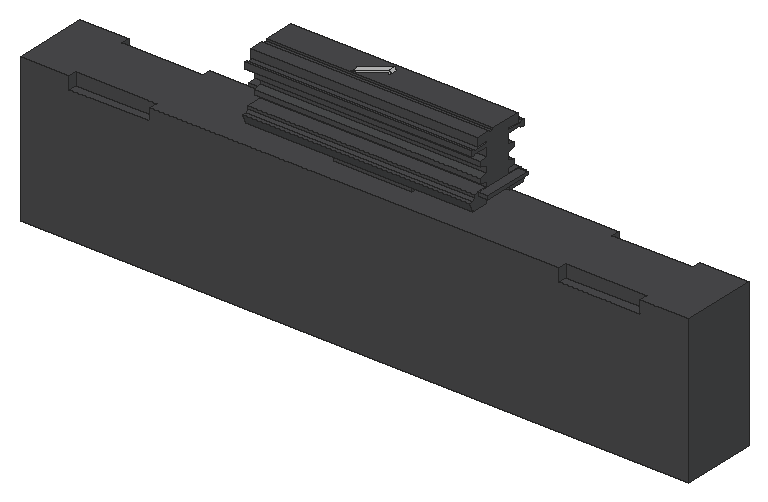
Revit family "DOT SINGLE HEAD RAIL 328_DTM15W3.5", category Luminarias, Revit 2019
Family settings
  Cota de conector redondo = Diámetro de uso
  Tipo de pieza = Normal
  Se basa en plano de trabajo = Sí
  Siempre vertical = Sí
  Corte con vacíos al cargar = No
  Origen de luz = Sí
  Compartido = No
  Punto de cálculo de habitación = No
Parameters (values of type "DOT SINGLE HEAD RAIL 328_DTM15W3.5.1535")
  Ángulo de inclinación = 60.00°
  Zone [instance] = ""
  Watt per fixture = 15
  Wattage = 15 W
  built-in parameter 1150107 = 3000 (stored number, unit not read)
  built-in parameter 1150110 = 1 (stored number, unit not read)
  built-in parameter 1150109 = 1 (stored number, unit not read)
  built-in parameter 1150112 = 1 (stored number, unit not read)
  built-in parameter 1150113 = 1 (stored number, unit not read)
  built-in parameter 1114218 = 1 (stored number, unit not read)
  Keynote = ""
  built-in parameter 1150137 = (empty or 0)
  built-in parameter 1150132 = (empty or 0)
  Modelo = "DTM15W3.5.1535"
  Lámpara = "3030SMD PHILIPS"
  built-in parameter 1150105 = 102.65 (stored number, unit not read)
  built-in parameter 1150102 = (empty or 0)
  built-in parameter 1150106 = 1.0265 (stored number, unit not read)
  Lumens = 1290 lm
  Color Filter = 16777215
  built-in parameter 1114217 = 1 (stored number, unit not read)
  built-in parameter 1150139 = (empty or 0)
  Fabricante = "BRILLANT"
  Default Elevation = 1219.2 mm
  built-in parameter 1150104 = 7.9897 (stored number, unit not read)
  Descripción = "LUMINARIA DOWNLIGHT EN FORMATO RECTANGULAR COMPATIBLE CON RIEL DE 6 ENTRADAS Y 3 CIRCUITOS CON CABEZAL PARA PODER DIRIGIR LA LUMINARIA HASTA 30 GRADOS, CUERPO DE ALUMINIO ACABADO EN COLOR NEGRO, IP 20, PESO 0.86Kg, TIPO DE LED 3030SMD PHILIPS CON 15W TOTAL, 1300 LUMENES, 86LM/W, IRC 90, TEMPERATURA EN BLANCO CALIDO 3000K, 50 MIL HORAS DE VIDA PROMEDIO, APERTURA ELIPTICA DE 15X35 GRADOS POR PROYECTO, ALIMENTADO A 90-240V"
  built-in parameter 1150115 = 1 (stored number, unit not read)
  built-in parameter 1150114 = 1 (stored number, unit not read)
  Comentarios de vataje = "90-240V"
  built-in parameter 1150138 = (empty or 0)
  built-in parameter 1150134 = (empty or 0)
  Circuit [instance] = ""
  Dimming Lamp Color Temperature Shift = (empty or 0)
  Archivo de red fotométrica = "L328A-15W-830-B-15X35_IESNA95.IES"
  built-in parameter 1150133 = 10 (stored number, unit not read)
Reference planes
  plane 1 "Centro (Frontal/Posterior)": y = 0
  plane 2: z = 0
  plane 3 "Centro (Izquierda/Derecha)": x = 0
Forms (mm)
  Extrusion 1, solid, material "Default Form"
    sketch origin (0, 0, 0) x (1, 0, 0) y (0, 0, 1)
      loop
        line (-164, 0) -> (-164, -72) -> (164, -72) -> (164, 0) -> (-164, 0)
    from -18.326 to 18.326
  Blend 2, void
    base sketch origin (0, 0, 0) x (1, 0, 0) y (0, 1, 0)
      loop
        line (-162, 16.149) -> (-162, -16.149) -> (-144.14, -16.149) -> (-144.14, 16.149) -> (-162, 16.149)
    top sketch origin (0, 0, 0) x (1, 0, 0) y (0, 1, 0)
      loop
        line (-160, 12.149) -> (-160, -12.149) -> (-146.14, -12.149) -> (-146.14, 12.149) -> (-160, 12.149)
    from -72 to -61.591
  Blend 3, void
    base sketch origin (21.86, 0, 0) x (1, 0, 0) y (0, 1, 0)
      loop
        line (-162, 16.149) -> (-162, -16.149) -> (-144.14, -16.149) -> (-144.14, 16.149) -> (-162, 16.149)
    top sketch origin (21.86, 0, 0) x (1, 0, 0) y (0, 1, 0)
      loop
        line (-160, 12.149) -> (-160, -12.149) -> (-146.14, -12.149) -> (-146.14, 12.149) -> (-160, 12.149)
    from -72 to -61.591
  Blend 4, void
    base sketch origin (43.72, 0, 0) x (1, 0, 0) y (0, 1, 0)
      loop
        line (-162, 16.149) -> (-162, -16.149) -> (-144.14, -16.149) -> (-144.14, 16.149) -> (-162, 16.149)
    top sketch origin (43.72, 0, 0) x (1, 0, 0) y (0, 1, 0)
      loop
        line (-160, 12.149) -> (-160, -12.149) -> (-146.14, -12.149) -> (-146.14, 12.149) -> (-160, 12.149)
    from -72 to -61.591
  Blend 5, void
    base sketch origin (65.58, 0, 0) x (1, 0, 0) y (0, 1, 0)
      loop
        line (-162, 16.149) -> (-162, -16.149) -> (-144.14, -16.149) -> (-144.14, 16.149) -> (-162, 16.149)
    top sketch origin (65.58, 0, 0) x (1, 0, 0) y (0, 1, 0)
      loop
        line (-160, 12.149) -> (-160, -12.149) -> (-146.14, -12.149) -> (-146.14, 12.149) -> (-160, 12.149)
    from -72 to -61.591
  Blend 6, void
    base sketch origin (87.44, 0, 0) x (1, 0, 0) y (0, 1, 0)
      loop
        line (-162, 16.149) -> (-162, -16.149) -> (-144.14, -16.149) -> (-144.14, 16.149) -> (-162, 16.149)
    top sketch origin (87.44, 0, 0) x (1, 0, 0) y (0, 1, 0)
      loop
        line (-160, 12.149) -> (-160, -12.149) -> (-146.14, -12.149) -> (-146.14, 12.149) -> (-160, 12.149)
    from -72 to -61.591
  Blend 7, void
    base sketch origin (109.3, 0, 0) x (1, 0, 0) y (0, 1, 0)
      loop
        line (-162, 16.149) -> (-162, -16.149) -> (-144.14, -16.149) -> (-144.14, 16.149) -> (-162, 16.149)
    top sketch origin (109.3, 0, 0) x (1, 0, 0) y (0, 1, 0)
      loop
        line (-160, 12.149) -> (-160, -12.149) -> (-146.14, -12.149) -> (-146.14, 12.149) -> (-160, 12.149)
    from -72 to -61.591
  Blend 8, void
    base sketch origin (131.16, 0, 0) x (1, 0, 0) y (0, 1, 0)
      loop
        line (-162, 16.149) -> (-162, -16.149) -> (-144.14, -16.149) -> (-144.14, 16.149) -> (-162, 16.149)
    top sketch origin (131.16, 0, 0) x (1, 0, 0) y (0, 1, 0)
      loop
        line (-160, 12.149) -> (-160, -12.149) -> (-146.14, -12.149) -> (-146.14, 12.149) -> (-160, 12.149)
    from -72 to -61.591
  Blend 9, void
    base sketch origin (153.02, 0, 0) x (1, 0, 0) y (0, 1, 0)
      loop
        line (-162, 16.149) -> (-162, -16.149) -> (-144.14, -16.149) -> (-144.14, 16.149) -> (-162, 16.149)
    top sketch origin (153.02, 0, 0) x (1, 0, 0) y (0, 1, 0)
      loop
        line (-160, 12.149) -> (-160, -12.149) -> (-146.14, -12.149) -> (-146.14, 12.149) -> (-160, 12.149)
    from -72 to -61.591
  Blend 10, void
    base sketch origin (174.88, 0, 0) x (1, 0, 0) y (0, 1, 0)
      loop
        line (-162, 16.149) -> (-162, -16.149) -> (-144.14, -16.149) -> (-144.14, 16.149) -> (-162, 16.149)
    top sketch origin (174.88, 0, 0) x (1, 0, 0) y (0, 1, 0)
      loop
        line (-160, 12.149) -> (-160, -12.149) -> (-146.14, -12.149) -> (-146.14, 12.149) -> (-160, 12.149)
    from -72 to -61.591
  Blend 11, void
    base sketch origin (196.74, 0, 0) x (1, 0, 0) y (0, 1, 0)
      loop
        line (-162, 16.149) -> (-162, -16.149) -> (-144.14, -16.149) -> (-144.14, 16.149) -> (-162, 16.149)
    top sketch origin (196.74, 0, 0) x (1, 0, 0) y (0, 1, 0)
      loop
        line (-160, 12.149) -> (-160, -12.149) -> (-146.14, -12.149) -> (-146.14, 12.149) -> (-160, 12.149)
    from -72 to -61.591
  Blend 12, void
    base sketch origin (218.6, 0, 0) x (1, 0, 0) y (0, 1, 0)
      loop
        line (-162, 16.149) -> (-162, -16.149) -> (-144.14, -16.149) -> (-144.14, 16.149) -> (-162, 16.149)
    top sketch origin (218.6, 0, 0) x (1, 0, 0) y (0, 1, 0)
      loop
        line (-160, 12.149) -> (-160, -12.149) -> (-146.14, -12.149) -> (-146.14, 12.149) -> (-160, 12.149)
    from -72 to -61.591
  Blend 13, void
    base sketch origin (240.46, 0, 0) x (1, 0, 0) y (0, 1, 0)
      loop
        line (-162, 16.149) -> (-162, -16.149) -> (-144.14, -16.149) -> (-144.14, 16.149) -> (-162, 16.149)
    top sketch origin (240.46, 0, 0) x (1, 0, 0) y (0, 1, 0)
      loop
        line (-160, 12.149) -> (-160, -12.149) -> (-146.14, -12.149) -> (-146.14, 12.149) -> (-160, 12.149)
    from -72 to -61.591
  Blend 14, void
    base sketch origin (262.32, 0, 0) x (1, 0, 0) y (0, 1, 0)
      loop
        line (-162, 16.149) -> (-162, -16.149) -> (-144.14, -16.149) -> (-144.14, 16.149) -> (-162, 16.149)
    top sketch origin (262.32, 0, 0) x (1, 0, 0) y (0, 1, 0)
      loop
        line (-160, 12.149) -> (-160, -12.149) -> (-146.14, -12.149) -> (-146.14, 12.149) -> (-160, 12.149)
    from -72 to -61.591
  Blend 15, void
    base sketch origin (284.18, 0, 0) x (1, 0, 0) y (0, 1, 0)
      loop
        line (-162, 16.149) -> (-162, -16.149) -> (-144.14, -16.149) -> (-144.14, 16.149) -> (-162, 16.149)
    top sketch origin (284.18, 0, 0) x (1, 0, 0) y (0, 1, 0)
      loop
        line (-160, 12.149) -> (-160, -12.149) -> (-146.14, -12.149) -> (-146.14, 12.149) -> (-160, 12.149)
    from -72 to -61.591
  Blend 16, void
    base sketch origin (306.04, 0, 0) x (1, 0, 0) y (0, 1, 0)
      loop
        line (-162, 16.149) -> (-162, -16.149) -> (-144.14, -16.149) -> (-144.14, 16.149) -> (-162, 16.149)
    top sketch origin (306.04, 0, 0) x (1, 0, 0) y (0, 1, 0)
      loop
        line (-160, 12.149) -> (-160, -12.149) -> (-146.14, -12.149) -> (-146.14, 12.149) -> (-160, 12.149)
    from -72 to -61.591
  Extrusion 17, solid, material "Default Form"
    sketch origin (-55.628, 0, 7.5) x (0, 1, 0) y (0, 0, 1)
      loop
        line (-7.273, 1.74) -> (7.273, 1.74) -> (7.273, 0) -> (15.231, 0) -> (17.006, 4.494) -> (15.021, 4.494) -> (14.058, 5.868) -> (14.058, 7.166) -> (6.473, 7.166) -> (6.473, 9.324) -> (10.169, 10.163) -> (10.169, 12.464) -> (6.473, 13.302) -> (6.473, 16.66) -> (10.169, 17.499) -> (10.169, 19.8) -> (6.473, 20.638) -> (6.473, 25.016) -> (13.839, 25.016) -> (14.514, 24.341) -> (15.775, 24.341) -> (15.775, 27.171) -> (14.73, 27.171) -> (14.058, 26.499) -> (6.473, 26.499) -> (6.473, 27.299) -> (12.377, 27.299) -> (12.377, 31.471) -> (-2.744, 31.471) -> (-2.744, 30.671) -> (-5.514, 30.671) -> (-5.514, 31.471) -> (-12.377, 31.471) -> (-12.377, 27.299) -> (-6.473, 27.299) -> (-6.473, 26.499) -> (-14.058, 26.499) -> (-14.73, 27.171) -> (-15.775, 27.171) -> (-15.775, 24.341) -> (-14.514, 24.341) -> (-13.839, 25.016) -> (-6.473, 25.016) -> (-6.473, 20.638) -> (-10.169, 19.8) -> (-10.169, 17.499) -> (-6.473, 16.66) -> (-6.473, 13.302) -> (-10.169, 12.464) -> (-10.169, 10.163) -> (-6.473, 9.324) -> (-6.473, 7.166) -> (-14.058, 7.166) -> (-14.058, 5.868) -> (-15.021, 4.494) -> (-17.006, 4.494) -> (-15.231, 0) -> (-7.273, 0) -> (-7.273, 1.74)
    from 0 to 111.256
  Extrusion 18, solid, material "Default Form"
    sketch origin (0, 0, 0) x (1, 0, 0) y (0, 1, 0)
      loop
        line (-19.12, 6.873) -> (-19.12, -6.873) -> (19.12, -6.873) -> (19.12, 6.873) -> (-19.12, 6.873)
    from 0 to 2.67
  Extrusion 19, solid, material "Default Form"
    sketch origin (0, 0, 0) x (1, 0, 0) y (0, 1, 0)
      loop
        line (-10.93, 3.188) -> (-10.93, -3.188) -> (10.93, -3.188) -> (10.93, 3.188) -> (-10.93, 3.188)
    from 2.67 to 7.5
  Extrusion 20, void
    sketch origin (0, 0, 0) x (1, 0, 0) y (0, 1, 0)
      loop
        line (-140.14, 18.326) -> (-140.14, 14.276) -> (-100.42, 14.276) -> (-100.42, 18.326) -> (-140.14, 18.326)
      loop
        line (-140.14, -18.326) -> (-100.42, -18.326) -> (-100.42, -14.276) -> (-140.14, -14.276) -> (-140.14, -18.326)
      loop
        line (140.14, -18.326) -> (140.14, -14.276) -> (100.42, -14.276) -> (100.42, -18.326) -> (140.14, -18.326)
      loop
        line (140.14, 18.326) -> (100.42, 18.326) -> (100.42, 14.276) -> (140.14, 14.276) -> (140.14, 18.326)
    from -6.015 to 0
  Extrusion 21, solid, material "Acero Inoxidable"
    sketch origin (0, -1.594, 0) x (1, 0, 0) y (0, 0, -1)
      loop
        line (-15, -38.971) -> (3.794, -45.811) -> (4.341, -44.308) -> (3.589, -44.034) -> (3.316, -44.786) -> (-12.661, -38.971) -> (-15, -38.971)
    from 0 to 3.188
  Extrusion 22, solid, material "Default Form"
    sketch origin (0, 0, 0) x (1, 0, 0) y (0, 1, 0)
      loop
        line (-55.628, 6.473) -> (-66.331, 6.473) -> (-66.331, 0) -> (-55.628, 0) -> (-55.628, 6.473)
      loop
        line (55.628, 12.377) -> (55.628, -12.149) -> (60.628, -12.149) -> (60.628, 12.377) -> (55.628, 12.377)
    from 13.368 to 15
Cuts and joins
  Blend 2, Blend 3, Blend 4, Blend 5, Blend 6, Blend 7, Blend 8, Blend 9, Blend 10, Blend 11, Blend 12, Blend 13, Blend 14, Blend 15, Blend 16, Extrusion 20 cuts Extrusion 1
Dimensions and locks
  equal spacing: Extrusion 1, plane 1 "Centro (Frontal/Posterior)", Extrusion 1
  Extrusion 1 to plane 1 "Centro (Frontal/Posterior)" = 18.326 mm
  Extrusion 1 to Extrusion 1 = 36.651 mm
  Extrusion 1 to Extrusion 1 = 72 mm
  Extrusion 1 to Extrusion 1 = 328 mm
  equal spacing: group 1, group 2, group 3, group 4, group 5, group 6, group 7, group 8, group 9, group 10, group 11, group 12, group 13, group 14  (x3)
  cut or joined group 1 (Extrusion 1, Blend 2, Blend 3, Blend 4, Blend 5, Blend 6, Blend 7, Blend 8, Blend 9, Blend 10, Blend 11, Blend 12, Blend 13, Blend 14, Blend 15, Blend 16, Extrusion 20) to cut or joined group 1 = 72 mm
  cut or joined group 1 to cut or joined group 1 = 36.651 mm
  cut or joined group 1 to cut or joined group 1 = 328 mm
  equal spacing: cut or joined group 1, plane 1 "Centro (Frontal/Posterior)", cut or joined group 1
  locked: cut or joined group 1 to cut or joined group 1 at 23.86  (x2)
  aligned and locked: level to plane 2
  aligned and locked: Extrusion 19 to Extrusion 17
  aligned and locked: Extrusion 19 to Extrusion 18
Automatic sketch dimensions
  Blend 3 sketch curve to Blend 3 sketch curve = 17.86 mm
  Blend 3 sketch curve to Blend 3 sketch curve = 13.86 mm
  Blend 3 sketch curve to Blend 3 sketch curve = 32.298 mm
  Blend 3 sketch curve to Blend 3 sketch curve = 24.298 mm
  Blend 4 sketch curve to Blend 4 sketch curve = 17.86 mm
  Blend 4 sketch curve to Blend 4 sketch curve = 13.86 mm
  Blend 4 sketch curve to Blend 4 sketch curve = 32.298 mm
  Blend 4 sketch curve to Blend 4 sketch curve = 24.298 mm
  Blend 5 sketch curve to Blend 5 sketch curve = 17.86 mm
  Blend 5 sketch curve to Blend 5 sketch curve = 13.86 mm
  Blend 5 sketch curve to Blend 5 sketch curve = 32.298 mm
  Blend 5 sketch curve to Blend 5 sketch curve = 24.298 mm
  Blend 6 sketch curve to Blend 6 sketch curve = 17.86 mm
  Blend 6 sketch curve to Blend 6 sketch curve = 13.86 mm
  Blend 6 sketch curve to Blend 6 sketch curve = 32.298 mm
  Blend 6 sketch curve to Blend 6 sketch curve = 24.298 mm
  Blend 7 sketch curve to Blend 7 sketch curve = 17.86 mm
  Blend 7 sketch curve to Blend 7 sketch curve = 13.86 mm
  Blend 7 sketch curve to Blend 7 sketch curve = 32.298 mm
  Blend 7 sketch curve to Blend 7 sketch curve = 24.298 mm
  Blend 8 sketch curve to Blend 8 sketch curve = 17.86 mm
  Blend 8 sketch curve to Blend 8 sketch curve = 13.86 mm
  Blend 8 sketch curve to Blend 8 sketch curve = 32.298 mm
  Blend 8 sketch curve to Blend 8 sketch curve = 24.298 mm
  Blend 9 sketch curve to Blend 9 sketch curve = 17.86 mm
  Blend 9 sketch curve to Blend 9 sketch curve = 13.86 mm
  Blend 9 sketch curve to Blend 9 sketch curve = 32.298 mm
  Blend 9 sketch curve to Blend 9 sketch curve = 24.298 mm
  Blend 10 sketch curve to Blend 10 sketch curve = 17.86 mm
  Blend 10 sketch curve to Blend 10 sketch curve = 13.86 mm
  Blend 10 sketch curve to Blend 10 sketch curve = 32.298 mm
  Blend 10 sketch curve to Blend 10 sketch curve = 24.298 mm
  Blend 11 sketch curve to Blend 11 sketch curve = 17.86 mm
  Blend 11 sketch curve to Blend 11 sketch curve = 13.86 mm
  Blend 11 sketch curve to Blend 11 sketch curve = 32.298 mm
  Blend 11 sketch curve to Blend 11 sketch curve = 24.298 mm
  Blend 12 sketch curve to Blend 12 sketch curve = 17.86 mm
  Blend 12 sketch curve to Blend 12 sketch curve = 13.86 mm
  Blend 12 sketch curve to Blend 12 sketch curve = 32.298 mm
  Blend 12 sketch curve to Blend 12 sketch curve = 24.298 mm
  Blend 13 sketch curve to Blend 13 sketch curve = 17.86 mm
  Blend 13 sketch curve to Blend 13 sketch curve = 13.86 mm
  Blend 13 sketch curve to Blend 13 sketch curve = 32.298 mm
  Blend 13 sketch curve to Blend 13 sketch curve = 24.298 mm
  Blend 14 sketch curve to Blend 14 sketch curve = 17.86 mm
  Blend 14 sketch curve to Blend 14 sketch curve = 13.86 mm
  Blend 14 sketch curve to Blend 14 sketch curve = 32.298 mm
  Blend 14 sketch curve to Blend 14 sketch curve = 24.298 mm
  Blend 15 sketch curve to Blend 15 sketch curve = 17.86 mm
  Blend 15 sketch curve to Blend 15 sketch curve = 13.86 mm
  Blend 15 sketch curve to Blend 15 sketch curve = 32.298 mm
  Blend 15 sketch curve to Blend 15 sketch curve = 24.298 mm
  Blend 16 sketch curve to Blend 16 sketch curve = 17.86 mm
  Blend 16 sketch curve to Blend 16 sketch curve = 13.86 mm
  Blend 16 sketch curve to Blend 16 sketch curve = 32.298 mm
  Blend 16 sketch curve to Blend 16 sketch curve = 24.298 mm
  Extrusion 1 sketch curve to level = 0 mm
  Extrusion 1 sketch curve to level = 72 mm
  Extrusion 1 sketch curve to plane 3 "Centro (Izquierda/Derecha)" = 164 mm
  plane 3 "Centro (Izquierda/Derecha)" to Extrusion 1 sketch curve = 164 mm
  Blend 2 sketch curve to plane 1 "Centro (Frontal/Posterior)" = 16.149 mm
  Blend 2 sketch curve to plane 3 "Centro (Izquierda/Derecha)" = 162 mm
  Blend 2 sketch curve to Blend 2 sketch curve = 17.86 mm
  plane 1 "Centro (Frontal/Posterior)" to Blend 2 sketch curve = 16.149 mm
  Blend 2 sketch curve to plane 1 "Centro (Frontal/Posterior)" = 12.149 mm
  Blend 2 sketch curve to plane 3 "Centro (Izquierda/Derecha)" = 160 mm
  Blend 2 sketch curve to Blend 2 sketch curve = 13.86 mm
  plane 1 "Centro (Frontal/Posterior)" to Blend 2 sketch curve = 12.149 mm
  plane 1 "Centro (Frontal/Posterior)" to Extrusion 17 sketch curve = 17.006 mm
  plane 1 "Centro (Frontal/Posterior)" to Extrusion 17 sketch curve = 15.775 mm
  level to Extrusion 17 sketch curve = 7.5 mm  (x2)
  Extrusion 17 sketch curve to Extrusion 17 sketch curve = 1.775 mm
  Extrusion 17 sketch curve to Extrusion 17 sketch curve = 1.985 mm  (x2)
  Extrusion 17 sketch curve to Extrusion 17 sketch curve = 1.045 mm
  Extrusion 17 sketch curve to Extrusion 17 sketch curve = 1.261 mm  (x2)
  Extrusion 17 sketch curve to Extrusion 17 sketch curve = 0.963 mm  (x2)
  Extrusion 17 sketch curve to Extrusion 17 sketch curve = 0.672 mm  (x4)
  Extrusion 17 sketch curve to Extrusion 17 sketch curve = 0.675 mm  (x3)
  Extrusion 17 sketch curve to Extrusion 17 sketch curve = 2.354 mm
  Extrusion 17 sketch curve to Extrusion 17 sketch curve = 4.345 mm
  Extrusion 17 sketch curve to Extrusion 17 sketch curve = 3.89 mm  (x2)
  plane 1 "Centro (Frontal/Posterior)" to Extrusion 17 sketch curve = 7.273 mm
  Extrusion 17 sketch curve to Extrusion 17 sketch curve = 3.696 mm  (x4)
  Extrusion 17 sketch curve to Extrusion 17 sketch curve = 5.904 mm  (x2)
  Extrusion 17 sketch curve to Extrusion 17 sketch curve = 0 mm  (x3)
  Extrusion 17 sketch curve to Extrusion 17 sketch curve = 0.959 mm
  plane 1 "Centro (Frontal/Posterior)" to Extrusion 17 sketch curve = 2.744 mm
  Extrusion 17 sketch curve to plane 1 "Centro (Frontal/Posterior)" = 6.473 mm  (x2)
  Extrusion 17 sketch curve to Extrusion 17 sketch curve = 0.8 mm  (x3)
  Extrusion 17 sketch curve to Extrusion 17 sketch curve = 1.462 mm
  Extrusion 17 sketch curve to Extrusion 17 sketch curve = 0.22 mm
  Extrusion 17 sketch curve to Extrusion 17 sketch curve = 0.21 mm
  Extrusion 17 sketch curve to Extrusion 17 sketch curve = 1.74 mm
  Extrusion 17 sketch curve to Extrusion 17 sketch curve = 4.494 mm  (x2)
  Extrusion 17 sketch curve to Extrusion 17 sketch curve = 1.375 mm  (x2)
  Extrusion 17 sketch curve to Extrusion 17 sketch curve = 5.426 mm  (x2)
  Extrusion 17 sketch curve to Extrusion 17 sketch curve = 2.158 mm  (x2)
  Extrusion 17 sketch curve to Extrusion 17 sketch curve = 0.839 mm  (x8)
  Extrusion 17 sketch curve to Extrusion 17 sketch curve = 2.301 mm  (x4)
  Extrusion 17 sketch curve to Extrusion 17 sketch curve = 3.358 mm  (x2)
  Extrusion 17 sketch curve to Extrusion 17 sketch curve = 4.541 mm  (x2)
  Extrusion 17 sketch curve to Extrusion 17 sketch curve = 4.378 mm
  Extrusion 17 sketch curve to Extrusion 17 sketch curve = 1.483 mm  (x2)
  Extrusion 17 sketch curve to Extrusion 17 sketch curve = 3.372 mm
  Extrusion 17 sketch curve to Extrusion 17 sketch curve = 4.172 mm  (x2)
  plane 1 "Centro (Frontal/Posterior)" to Extrusion 18 sketch curve = 6.873 mm
  Extrusion 18 sketch curve to plane 3 "Centro (Izquierda/Derecha)" = 19.12 mm
  plane 3 "Centro (Izquierda/Derecha)" to Extrusion 18 sketch curve = 19.12 mm
  Extrusion 18 sketch curve to plane 1 "Centro (Frontal/Posterior)" = 6.873 mm
  plane 1 "Centro (Frontal/Posterior)" to Extrusion 19 sketch curve = 3.188 mm
  Extrusion 19 sketch curve to plane 3 "Centro (Izquierda/Derecha)" = 10.93 mm
  plane 3 "Centro (Izquierda/Derecha)" to Extrusion 19 sketch curve = 10.93 mm
  Extrusion 19 sketch curve to plane 1 "Centro (Frontal/Posterior)" = 3.188 mm
  Extrusion 20 sketch curve to plane 1 "Centro (Frontal/Posterior)" = 18.326 mm
  Extrusion 20 sketch curve to plane 3 "Centro (Izquierda/Derecha)" = 140.14 mm
  Extrusion 20 sketch curve to Extrusion 20 sketch curve = 0 mm  (x4)
  plane 1 "Centro (Frontal/Posterior)" to Extrusion 20 sketch curve = 18.326 mm
  Extrusion 20 sketch curve to Extrusion 20 sketch curve = 39.72 mm  (x2)
  Extrusion 20 sketch curve to plane 1 "Centro (Frontal/Posterior)" = 14.276 mm
  plane 3 "Centro (Izquierda/Derecha)" to Extrusion 20 sketch curve = 100.42 mm
  plane 1 "Centro (Frontal/Posterior)" to Extrusion 20 sketch curve = 14.276 mm
  Extrusion 20 sketch curve to Extrusion 20 sketch curve = 4.049 mm  (x4)
  Extrusion 21 sketch curve to plane 3 "Centro (Izquierda/Derecha)" = 15 mm
  Extrusion 21 sketch curve to Extrusion 21 sketch curve = 2.339 mm
  plane 3 "Centro (Izquierda/Derecha)" to Extrusion 21 sketch curve = 3.316 mm
  Extrusion 21 sketch curve to Extrusion 21 sketch curve = 0.274 mm
  Extrusion 21 sketch curve to Extrusion 21 sketch curve = 0.478 mm
  Extrusion 21 sketch curve to Extrusion 21 sketch curve = 0.752 mm
  level to Extrusion 21 sketch curve = 45.811 mm
  plane 1 "Centro (Frontal/Posterior)" to Extrusion 22 sketch curve = 0 mm
  Extrusion 22 sketch curve to plane 1 "Centro (Frontal/Posterior)" = 6.473 mm
  Extrusion 22 sketch curve to plane 3 "Centro (Izquierda/Derecha)" = 66.331 mm
  Extrusion 22 sketch curve to Extrusion 22 sketch curve = 10.703 mm
  Extrusion 22 sketch curve to plane 1 "Centro (Frontal/Posterior)" = 12.377 mm
  plane 3 "Centro (Izquierda/Derecha)" to Extrusion 22 sketch curve = 55.628 mm
  Extrusion 22 sketch curve to Extrusion 22 sketch curve = 5 mm
  plane 1 "Centro (Frontal/Posterior)" to Extrusion 22 sketch curve = 12.149 mm
Connectors
  electrical at (0, 0, 0)
    settings: on cut or joined group 1, index 1, voltage 240 V, apparent load 0 VA, apparent load phase1 0 VA, apparent load phase2 0 VA, apparent load phase3 0 VA, power factor 1, load classification "Otro", number of poles 1, system type 31, power factor state 1, is connector primary yes, connector utility no, sub classification motor no, connector description ""
